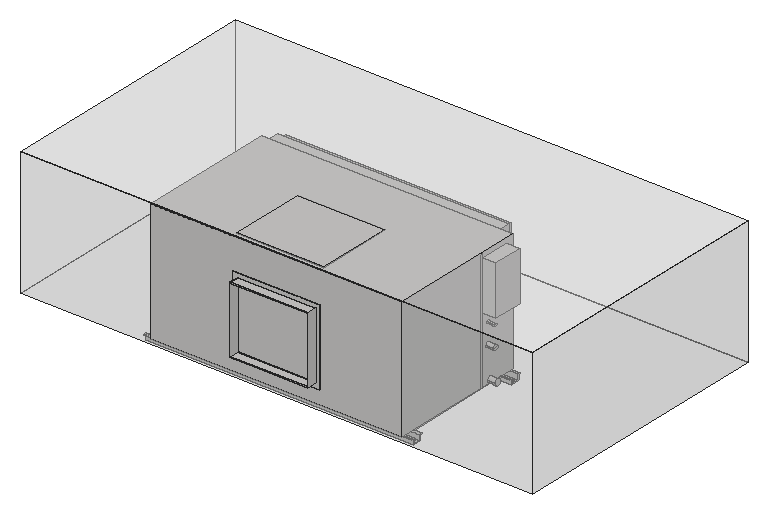
Revit family "outputfile", category 機械設備, Revit 2024
Family settings
  丸型コネクタ寸法 = 半径を使用
  パーツ タイプ = 標準
  OmniClass 番号 = 23.75.10.24.21.27.27
  OmniClass タイトル = Split System Air Conditioning Units
  作業面ベース = いいえ
  常に垂直 = はい
  ロード時にボイドで切り取り = いいえ
  注釈の向きを維持 = いいえ
  共有 = いいえ
  部屋計算ポイント = はい
Parameters (values of type "FDN125HYL")
  Description = ""
  書き出し IFC クラス(タイプ) = "IfcUnitaryEquipmentType"
  定義済み IFC タイプ(タイプ) = "AIRCONDITIONINGUNIT"
  Cost = 0
  Type Comments = ""
  Keynote = ""
  Type Image = (empty or 0)
  Assembly Code = ""
  switch_frequency = yes
  lw_power = 813 mm
  lw_box = 86 mm
  lw_RA = 733.5 mm
  lh_liquidpipe_2 = 738 mm
  lh_height_SA = 408 mm
  lh_ld_mountinghole_height = 35 mm
  lh_height_RA = 646 mm
  lh_hangerfixture = 35 mm
  lh_gaspipe_2 = 638 mm
  lh_box_top = 24 mm
  lh_box = 302 mm
  lh_SA = 351 mm
  lh_RA = 413 mm
  ld_depth_SA = 60 mm
  ld_depth_RA = 130 mm
  ld_box_left = 610 mm
  ld_box = 180 mm
  connector_voltage = Voltage_60Hz  # 380 V
  connector_powerinput = [Power Input (Cooling)]  # 12.280 kW
  connector_phase = Phase_60Hz  # 3
  URL = ""
  Supply Air Direction [instance] = yes
  製造元 = "Daikin"
  モデル = "FDN125HYL"
  w_pipe = 33 mm
  r_Liquid Pipe Size = Liquid Pipe Size / 2  # 6.35 mm
  r_Gas Pipe Size = Gas Pipe Size / 2  # 14.3 mm
  r_Drain Pipe Size = Drain Pipe Size / 2  # 17.0 mm
  lw_width_RA = 1377 mm
  lw_width_SA = 474 mm
  ld_suctionflange [instance] = 190 mm
  ld_powersupply = 275 mm
  Voltage_comment_60Hz = "380"
  Voltage_60Hz = 380 V
  Sound Power Level_H speed (dB) = 0
  Phase_60Hz = 3
  Minimum External Static Pressure = 0.00 Pa
  Minimum Circuit Amps_60Hz = 0.0 A
  Maximum Fuse Amps_60Hz = 0.0 A
  Maximum External Static Pressure = 150.00 Pa
  Material_Casing = DAIKIN_GalvanizedSteel_Casing_indoorunit
  lw_liquidpipe = 822 mm
  lw_gaspipe = 822 mm
  lw_mountinghole_pitch = 1600 mm
  lw_mountinghole = 1640 mm
  lw_drainpipe = 822 mm
  lh_powersupply = 425 mm
  lh_liquidpipe = 384 mm
  lh_gaspipe = 259 mm
  lh_mountinghole = 2.3 mm
  lh_drainpipe = 61 mm
  lh_antena = Height - lh_mountinghole + 1 mm  # 774.7 mm
  ld_liquidpipe = 225 mm
  ld_gaspipe = 225 mm
  ld_mountinghole_pitch = 754 mm
  ld_drainpipe = 242 mm
  h*** = 0 mm  # constant formula
  d_dischargeflange = ld_depth_SA  # 60 mm
  Width = 1540 mm
  Version = "ver.1.0"
  Unit Type = "Duct"
  Unit Mass Weight = 159.00 kg
  Unit Designation [instance] = ""
  Uniclass2015Version = "Products v1.30"
  Uniclass2015Title = "Split coil room air conditioning units"
  Uniclass2015Code = "Pr_70_65_03_86"
  Total Cooling Capacity [instance] = 0.000 kW
  Sound Pressure Level_M speed (dBA) = 0
  Sound Pressure Level_L speed (dBA) = 0
  Sound Pressure Level_H speed (dBA) = 56
  Series = "Package Aircon_Fan Coil Unit"
  Sensible Cooling Capacity [instance] = 0.000 kW
  SA Duct Size Width = 474 mm
  SA Duct Size Height = 408 mm
  Refrigerant Type = "R410A"
  RA Duct Size Width = 1377 mm
  RA Duct Size Height = 646 mm
  Power Input (Cooling) = 12.280 kW
  Option Accessory 3 [instance] = ""
  Option Accessory 2 [instance] = ""
  Option Accessory 1 [instance] = ""
  Nominal Cooling Capacity = 35.463 kW
  Minimum Airflow = 0.00 m³/h
  Median Airflow = 0.00 m³/h
  Maximum Airflow = 6966.00 m³/h
  Load Classification = HVAC
  Liquid Pipe Size = 12.7 mm
  Link_Nested Family [instance] = ""
  IfcVersion = ""
  IfcExportType = "AIRCONDITIONINGUNIT"
  IfcExportAs = "IfcUnitaryEquipmentType"
  Height = 776 mm
  Heat Exchanger Type = "Cross Fin Coil"
  Gas Pipe Size = 28.6 mm
  Frequency_60Hz = 60 Hz
  Fan Type = "Sirocco Fan"
  Fan Drive = "-"
  FCU Tag No. [instance] = ""
  Drain Pipe Size = 34.0 mm
  Design Supply Airflow [instance] = 0.00 m³/h
  Design Return Airflow [instance] = 0.00 m³/h
  Design External Static Pressure [instance] = 0.00 Pa
  Depth = 850 mm
  既定の高さ = 0 mm
  Cooling Entering Wet Bulb Temperature [instance] = 0.00 °C
  Cooling Entering Dry Bulb Temperature [instance] = 0.00 °C
  Cooling Ambient Wet Bulb Temperature [instance] = 0.00 °C
  Cooling Ambient Dry Bulb Temperature [instance] = 0.00 °C
  Clearance visibility [instance] = yes
  Clearance Top = 0 mm
  Clearance Right = 800 mm
  Clearance Rear = 800 mm
  Clearance Left = 800 mm
  Clearance Front = 0 mm
  Clearance Bottom = 0 mm
Reference planes
  plane 1 "Center (Front/Back)": y = 0
  plane 2: z = 0
  plane 3 "Center (Left/Right)": x = 0
  plane 4 "Back": y = 425
  plane 5 "Front": y = -425
  plane 6 "Left": x = -770
  plane 7 "Right": x = 770
  plane 8 "Top": z = 0
  plane 9 "Bottom": z = -776
  plane 10: z = -392
  plane 11: z = -517
  plane 12: x = -800
  plane 13: x = 800
  plane 14: x = 822
  plane 15: x = 822
  plane 16: z = -773.7
  plane 17 "Clearance Left": x = -1570
  plane 18 "Clearance Right": x = 1570
  plane 19 "Clearance Rear": y = 1225
  plane 20 "Clearance Front": y = -425
  plane 21 "Clearance Bottom": z = -776
  plane 22: z = -715
  plane 23 "ld_gas": y = 225
  plane 24: y = 225
  plane 25: y = -30
  plane 26: y = 242
  plane 27: y = 235
  plane 28: x = 822
  plane 29: y = 377
  plane 30: y = -377
  plane 31: y = -485
  plane 32: y = 555
  plane 33 "Clearance Top": z = 0
  plane 34: z = -351
  plane 35: y = 275
  plane 36 "hangerfixture": z = -741
  plane 37 "lh_SA": z = -425
  plane 38 "lh_RA": z = -363
  plane 39 "RA_center": x = -36.5
  plane 40: x = 886
  plane 41: x = 856
  plane 42: y = 185
  plane 43: y = 365
  plane 44 "box_bottom": z = -326
  plane 45 "box_top": z = -24
  plane 46: x = -267
  plane 47: x = 267
  plane 48: y = -394.5
  plane 49: y = 73.5
  plane 50 "lw_power": x = 813
  plane 51: z = -38
  plane 52: z = -138
  plane 53: z = -1
Forms (mm)
  Extrusion 1, solid, material "DAIKIN_GalvanizedSteel_Casing_indoorunit" <- "Material_Casing"
    sketch origin (0, -0.8, 0) x (1, 0, 0) y (0, 1, 0)
      loop
        line (-770, -424.2) -> (770, -424.2) -> (770, 425.8) -> (-770, 425.8) -> (-770, -424.2)
    from -741 to -1
  Revolve 2, solid, material "DAIKIN_GalvanizedSteel_Casing_indoorunit" <- "Material_Casing"
    sketch origin (0, 0, -517) x (0, -1, 0) y (1, 0, 0)
      loop
        line (-210.7, 770) -> (-210.7, 822) -> (-225, 822) -> (-225, 770) -> (-210.7, 770)
      axis (-225, 770) -> (-225, 822)
    angle from 0 to 360
  Revolve 3, solid, material "DAIKIN_GalvanizedSteel_Casing_indoorunit" <- "Material_Casing"
    sketch origin (0, 0, -392) x (0, -1, 0) y (1, 0, 0)
      loop
        line (-225, 770) -> (-225, 822) -> (-231.35, 822) -> (-231.35, 770) -> (-225, 770)
      axis (-225, 822) -> (-225, 770)
    angle from 0 to 360
  Extrusion 4, solid, material "DAIKIN_GalvanizedSteel_Casing_indoorunit" <- "Material_Casing"
    sketch origin (0, 0, 0) x (0, 1, 0) y (0, 0, 1)
      loop
        circle (242, -715) r 17
    from 822 to 770
  Extrusion 5, solid, material "DAIKIN_GalvanizedSteel_Casing_indoorunit" <- "Material_Casing"
    sketch origin (0, 0, 0) x (1, 0, 0) y (0, 1, 0)
      loop
        line (856, 185) -> (856, 365) -> (770, 365) -> (770, 185) -> (856, 185)
    from -326 to -24
  Extrusion 6, solid, material "DAIKIN_GalvanizedSteel_Casing_indoorunit" <- "Material_Casing"
    sketch origin (0, 0, 0) x (-1, 0, 0) y (0, -1, 0)
      loop
        line (267, -73.5) -> (267, 394.5) -> (-267, 394.5) -> (-267, -73.5) -> (267, -73.5)
    from -1 to 0
  Extrusion 7, solid, material "DAIKIN_GalvanizedSteel_Casing_indoorunit" <- "Material_Casing"
    sketch origin (0, 0, 0) x (0, 1, 0) y (0, 0, 1)
      loop
        line (-339, -741) -> (-339, -743.3) -> (339, -743.3) -> (339, -741) -> (-339, -741)
    from -770 to 770
  Extrusion 8, solid, material "DAIKIN_GalvanizedSteel_Casing_indoorunit" <- "Material_Casing"
    sketch origin (770, 0, 0) x (0, 1, 0) y (0, 0, 1)
      loop
        line (174, -1) -> (174, -741) -> (184, -741) -> (184, -1) -> (174, -1)
    from 0 to 1
Dimensions and locks
  equal spacing: plane 12, plane 3 "Center (Left/Right)", plane 13
  "lw_mountinghole_pitch": plane 12 to plane 13
  "lh_liquidpipe": plane 10 to plane 9 "Bottom"
  "lh_gaspipe": plane 11 to plane 9 "Bottom"
  equal spacing: plane 6 "Left", plane 3 "Center (Left/Right)", plane 7 "Right"
  "Width": plane 6 "Left" to plane 7 "Right"
  "Clearance Right": plane 7 "Right" to plane 18 "Clearance Right"
  "Clearance Left": plane 17 "Clearance Left" to plane 6 "Left"
  "Clearance Rear": plane 19 "Clearance Rear" to plane 4 "Back"
  "Clearance Front": plane 5 "Front" to plane 20 "Clearance Front"
  "Depth": plane 4 "Back" to plane 5 "Front"
  equal spacing: plane 4 "Back", plane 1 "Center (Front/Back)", plane 5 "Front"
  "ld_suctionflange": plane 4 "Back" to plane 27
  "r_Liquid Pipe Size": nested 5 to Revolve 3 sketch curve
  equal spacing: plane 29, plane 1 "Center (Front/Back)", plane 30
  "ld_mountinghole_pitch": plane 29 to plane 30
  "lw_liquidpipe": plane 3 "Center (Left/Right)" to plane 14
  "lw_gaspipe": plane 3 "Center (Left/Right)" to plane 15
  "lw_drainpipe": plane 3 "Center (Left/Right)" to plane 28
  "lh_drainpipe": plane 22 to plane 9 "Bottom"
  "Clearance Top": plane 33 "Clearance Top" to plane 8 "Top"
  "Clearance Bottom": plane 9 "Bottom" to plane 21 "Clearance Bottom"
  "lh_powersupply": plane 34 to plane 9 "Bottom"
  level to plane 8 "Top" = 0 mm
  "lh_hangerfixture": plane 36 "hangerfixture" to plane 9 "Bottom"
  "lh_SA": plane 37 "lh_SA" to plane 9 "Bottom"
  "ld_depth_SA": plane 5 "Front" to plane 31
  "ld_depth_RA": plane 32 to plane 4 "Back"
  "lh_RA": plane 38 "lh_RA" to plane 9 "Bottom"
  "lw_RA": plane 6 "Left" to plane 39 "RA_center"
  "ld_box_left": plane 42 to plane 5 "Front"
  "ld_box": plane 43 to plane 42
  "lw_box": plane 7 "Right" to plane 41
  "lh_box": plane 45 "box_top" to plane 44 "box_bottom"
  plane 46 to plane 3 "Center (Left/Right)" to plane 47 = 267 mm locked, 267 mm locked
  plane 49 to plane 48 to plane 5 "Front" = 468 mm locked, 30.5 mm locked
  "lw_power": plane 3 "Center (Left/Right)" to plane 50 "lw_power"
  "lh_gaspipe_2": plane 52 to plane 9 "Bottom"
  "lh_liquidpipe_2": plane 51 to plane 9 "Bottom"
  "ld_powersupply": plane 1 "Center (Front/Back)" to plane 35
  "ld_drainpipe": plane 26 to plane 1 "Center (Front/Back)"
  "ld_gaspipe": plane 23 "ld_gas" to plane 1 "Center (Front/Back)"
  "r_Gas Pipe Size": plane 23 "ld_gas" to Revolve 2 sketch curve
  "ld_liquidpipe": plane 24 to plane 1 "Center (Front/Back)"
  "Height": plane 8 "Top" to plane 9 "Bottom"
  "lh_mountinghole": plane 16 to plane 9 "Bottom"
  "lh_box_top": plane 33 "Clearance Top" to plane 45 "box_top"
  locked: plane 8 "Top" to plane 53 at 1
  Extrusion 8 sketch curve to Extrusion 8 sketch curve to plane 4 "Back" = 10 mm locked, 241 mm locked
  "r_Drain Pipe Size": radius of Extrusion 4 sketch curve
  aligned and locked: level to plane 2
  aligned and locked: Revolve 2 sketch curve to Revolve 2 sketch curve
  aligned and locked: plane 14 to nested 5
  aligned and locked: nested 5 to plane 10
  aligned and locked: plane 13 to nested 2
  aligned and locked: plane 12 to nested 3
  aligned and locked: plane 12 to nested 4
  aligned and locked: nested 6 to plane 11
  aligned and locked: plane 23 "ld_gas" to nested 6
  aligned and locked: plane 24 to nested 5
  aligned and locked: Extrusion 4 sketch curve to plane 26
  aligned and locked: nested 11 to plane 19 "Clearance Rear"
  aligned and locked: plane 18 "Clearance Right" to nested 11
  aligned and locked: plane 17 "Clearance Left" to nested 11
  aligned and locked: nested 11 to plane 20 "Clearance Front"
  aligned and locked: plane 28 to Extrusion 4
  aligned and locked: plane 15 to nested 6  (x2)
  aligned and locked: plane 13 to nested 1
  aligned and locked: plane 26 to nested 7
  aligned and locked: nested 7 to plane 22
  aligned and locked: nested 7 to plane 28
  aligned and locked: nested 9 to plane 1 "Center (Front/Back)"
  aligned and locked: plane 3 "Center (Left/Right)" to nested 9
  aligned and locked: plane 29 to nested 1
  aligned and locked: plane 30 to nested 2
  aligned and locked: nested 4 to plane 29
  aligned and locked: nested 3 to plane 30
  aligned and locked: nested 10 to plane 4 "Back"
  aligned and locked: nested 8 to plane 31
  aligned and locked: plane 32 to nested 14
  aligned and locked: plane 3 "Center (Left/Right)" to nested 13
  aligned and locked: nested 11 to plane 33 "Clearance Top"
  aligned and locked: nested 11 to plane 21 "Clearance Bottom"
  aligned and locked: nested 12 to plane 9 "Bottom"
  aligned and locked: plane 36 "hangerfixture" to Extrusion 1
  aligned and locked: plane 37 "lh_SA" to nested 8
  aligned and locked: Extrusion 1 to plane 5 "Front"
  aligned and locked: nested 13 to plane 31
  aligned and locked: plane 37 "lh_SA" to nested 13
  aligned and locked: Extrusion 1 to plane 4 "Back"
  aligned and locked: plane 38 "lh_RA" to nested 10
  aligned and locked: nested 14 to plane 38 "lh_RA"
  aligned and locked: plane 39 "RA_center" to nested 10
  aligned and locked: nested 14 to plane 39 "RA_center"
  aligned and locked: plane 43 to Extrusion 5 sketch curve
  aligned and locked: Extrusion 5 sketch curve to plane 42
  aligned and locked: plane 45 "box_top" to Extrusion 5
  aligned and locked: Extrusion 5 to plane 44 "box_bottom"
  aligned and locked: Extrusion 6 sketch curve to plane 49
  aligned and locked: Extrusion 6 sketch curve to plane 46
  aligned and locked: plane 48 to Extrusion 6 sketch curve
  aligned and locked: plane 47 to Extrusion 6 sketch curve
  aligned and locked: nested 16 to plane 51
  aligned and locked: nested 17 to plane 52
  aligned and locked: plane 14 to nested 16
  aligned and locked: nested 15 to plane 35
  aligned and locked: Revolve 2 sketch curve to plane 23 "ld_gas"
  aligned and locked: plane 23 "ld_gas" to nested 17
  aligned and locked: plane 24 to nested 16
  aligned and locked: plane 36 "hangerfixture" to Extrusion 7 sketch curve
  aligned and locked: Extrusion 7 sketch curve to nested 12  (x3)
  aligned and locked: Extrusion 7 to plane 6 "Left"
  aligned and locked: plane 7 "Right" to Extrusion 7
  aligned and locked: nested 15 to plane 50 "lw_power"
  aligned and locked: level to plane 8 "Top"
  aligned and locked: Extrusion 5 sketch curve to plane 41
  aligned and locked: plane 7 "Right" to Extrusion 5 sketch curve
  aligned and locked: plane 53 to Extrusion 1
  aligned and locked: Extrusion 6 to plane 53
  aligned and locked: plane 8 "Top" to Extrusion 6
  aligned and locked: Extrusion 4 to plane 7 "Right"
  aligned and locked: Revolve 3 to plane 7 "Right"
  aligned and locked: plane 7 "Right" to Revolve 2
  aligned and locked: nested 15 to plane 45 "box_top"
  aligned and locked: Extrusion 8 sketch curve to plane 36 "hangerfixture"
  aligned and locked: Extrusion 8 sketch curve to plane 53
Automatic sketch dimensions
  Extrusion 1 sketch curve to plane 4 "Back" = 0 mm
  Extrusion 1 sketch curve to plane 6 "Left" = 0 mm
  Extrusion 1 sketch curve to plane 5 "Front" = 0 mm
  Extrusion 1 sketch curve to plane 7 "Right" = 0 mm
  Revolve 3 sketch curve to plane 23 "ld_gas" = 0 mm  (x2)
  Revolve 3 sketch curve to plane 14 = 0 mm  (x2)
  plane 7 "Right" to Revolve 3 sketch curve = 0 mm
  plane 7 "Right" to Revolve 3 sketch curve = 1 mm
  Extrusion 4 sketch curve to plane 22 = 0 mm
  Revolve 2 sketch curve to plane 7 "Right" = 0 mm
  Revolve 2 sketch curve to plane 14 = 0 mm
  plane 7 "Right" to Revolve 2 sketch curve = 2.003 mm
  plane 14 to Revolve 2 sketch curve = 1.003 mm
Nested families
  nested 1: "daikin_mountinghole" at (800, 377, -776), Link_Nested Family <- "Link_Nested Family", h_mountinghole <- "lh_mountinghole", l_antenna <- "lh_antena", type "daikin_mountinghole"
    with show yes, l_antenna 774.7 mm, h_mountinghole 2.3 mm, Link_Nested Family "", d_circle 23 mm
  nested 2: "daikin_mountinghole" at (800, -377, -776), Link_Nested Family <- "Link_Nested Family", h_mountinghole <- "lh_mountinghole", l_antenna <- "lh_antena", type "daikin_mountinghole"
    with show yes, l_antenna 774.7 mm, h_mountinghole 2.3 mm, Link_Nested Family "", d_circle 23 mm
  nested 3: "daikin_mountinghole" at (-800, -377, -776), Link_Nested Family <- "Link_Nested Family", h_mountinghole <- "lh_mountinghole", l_antenna <- "lh_antena", type "daikin_mountinghole"
    with show yes, l_antenna 774.7 mm, h_mountinghole 2.3 mm, Link_Nested Family "", d_circle 23 mm
  nested 4: "daikin_mountinghole" at (-800, 377, -776), Link_Nested Family <- "Link_Nested Family", h_mountinghole <- "lh_mountinghole", l_antenna <- "lh_antena", type "daikin_mountinghole"
    with show yes, l_antenna 774.7 mm, h_mountinghole 2.3 mm, Link_Nested Family "", d_circle 23 mm
  nested 5: "daikin_connector_rotate2" at (0, 225, -392) x (0, 1, 0) z (0, 0, 1), length <- "lw_liquidpipe", built-in parameter 1001364 <- "lh_liquidpipe", radius <- "r_Liquid Pipe Size", type "daikin_connector_rotate2"
    with radius 6.35 mm, length 822 mm, angle_vertical 90.00°
  nested 6: "daikin_connector_rotate2" at (0, 225, -517) x (0, 1, 0) z (0, 0, 1), length <- "lw_gaspipe", built-in parameter 1001364 <- "lh_gaspipe", radius <- "r_Gas Pipe Size", type "daikin_connector_rotate2"
    with radius 14.3 mm, length 822 mm, angle_vertical 90.00°
  nested 7: "daikin_connector_rotate2" at (0, 242, -715) x (0, 1, 0) z (0, 0, 1), built-in parameter 1001364 <- "lh_drainpipe", length <- "lw_drainpipe", radius <- "r_Drain Pipe Size", type "daikin_connector_rotate2"
    with radius 17 mm, length 822 mm, angle_vertical 90.00°
  nested 8: "daikin_connector_rotate2" at (0, -425, -425), length <- "d_dischargeflange", type "daikin_connector_rotate2"
    with radius 10 mm, length 60 mm, angle_vertical 90.00°
  nested 9: "daikin_△_symbolicline" at (-75, -129.904, 9) x (-0.5, 0.866, 0) z (0, 0, 1), visible <- "Supply Air Direction", type "daikin_△_symbolicline"
    with length 300 mm
  nested 10: "daikin_ductflange_FDN-HYL" at (-36.5, 425, -363), material <- "Material_Casing", width <- "lw_width_RA", height <- "lh_height_RA", depth <- "ld_depth_RA", type "daikin_ductflange_FDN-HYL"
    with width 1377 mm, material DAIKIN_GalvanizedSteel_Casing_indoorunit, height 646 mm, depth 130 mm
  nested 11: "daikin_clearancespace" at (0, 400, -387.881), visible <- "Clearance visibility", show <- "Clearance visibility", Link_Nested Family <- "Link_Nested Family", type "daikin_clearancespace"
    with width 3140 mm, show yes, height 776 mm, depth 1650 mm, Link_Nested Family ""
  nested 12: "daikin_hangerfixture_FDN-HYL" at (0, 0, -776), type "daikin_hangerfixture_FDN-HYL"
  nested 13: "daikin_ductflange_FDN-HYL_1" at (0, -416, -614.401), width <- "lw_width_SA", material <- "Material_Casing", height <- "lh_height_SA", depth <- "ld_depth_SA", type "daikin_ductflange_FDN-HYL_1"
    with width 474 mm, material DAIKIN_GalvanizedSteel_Casing_indoorunit, height 408 mm, depth 60 mm
  nested 14: "daikin_connector_rotate2" at (-36.5, 425, -363) x (-1, 0, 0) z (0, 0, 1), length <- "ld_depth_RA", type "daikin_connector_rotate2"
    with radius 10 mm, length 130 mm, angle_vertical 90.00°
  nested 15: "daikin_connector_rotate2" at (813, 275, -24) x (0, 1, 0) z (1, 0, 0), length <- "lh_box", type "daikin_connector_rotate2"
    with radius 10 mm, length 302 mm, angle_vertical 90.00°
  nested 16: "daikin_connector_rotate2" at (0, 225, -38) x (0, 1, 0) z (0, 0, 1), length <- "lw_liquidpipe", built-in parameter 1001364 <- "lh_liquidpipe", radius <- "r_Liquid Pipe Size", type "daikin_connector_rotate2"
    with radius 6.35 mm, length 822 mm, angle_vertical 90.00°
  nested 17: "daikin_connector_rotate2" at (0, 225, -138) x (0, 1, 0) z (0, 0, 1), length <- "lw_gaspipe", built-in parameter 1001364 <- "lh_gaspipe", radius <- "r_Gas Pipe Size", type "daikin_connector_rotate2"
    with radius 14.3 mm, length 822 mm, angle_vertical 90.00°
Connectors
  piping at (822, 225, -517), diameter 28.6, driven by "r_Gas Pipe Size"
    settings: on nested 6, index 1, connector inside diameter 609.6 mm, connector length 0 mm, flow factor 0, pipe flow 0.00 m³/h, pressure drop 0.0 Pa, fitting loss kfactor 0, connector angle 0.00°, fixture units 0, engagement length 0 mm, angle of deflection 0.00°, flow configuration 1, flow direction 2, fitting loss method 0, system type 29, joint type 0, gender type 0, connector reference index -1, connector utility 0, adjustable connector no, is connector primary yes, connector description "Refrigerant Gas Piping"
  piping at (822, 225, -392), diameter 12.7, driven by "r_Liquid Pipe Size"
    settings: on nested 5, index 2, connector inside diameter 609.6 mm, connector length 0 mm, flow factor 0, pipe flow 0.00 m³/h, pressure drop 0.0 Pa, fitting loss kfactor 0, connector angle 0.00°, fixture units 0, engagement length 0 mm, angle of deflection 0.00°, flow configuration 1, flow direction 1, fitting loss method 0, system type 29, joint type 0, gender type 0, connector reference index -1, connector utility 0, adjustable connector no, is connector primary no, connector description "Refrigerant Liquid Piping"
  piping at (822, 242, -715), diameter 34, driven by "r_Drain Pipe Size"
    settings: on nested 7, index 3, connector inside diameter 609.6 mm, connector length 0 mm, flow factor 0, pipe flow 0.00 m³/h, pressure drop 0.0 Pa, fitting loss kfactor 0, connector angle 0.00°, fixture units 0, engagement length 0 mm, angle of deflection 0.00°, flow configuration 1, flow direction 2, fitting loss method 4, system type 16, joint type 0, gender type 0, connector reference index -1, connector utility 0, adjustable connector no, is connector primary no, connector description "Condensate Drain Piping"
  hvac at (0, -485, -425), driven by "SA Duct Size Height", driven by "SA Duct Size Width"
    settings: on nested 8, index 7, duct flow 0.00 m³/h, flow factor 0, pres drop 0.00 Pa, loss coef 0, conn angle 0.00°, conn width 474.0 mm, conn height 408.0 mm, conn diameter 609.6 mm, duct sys type 1, conn prof type 1, flow config 0, flow direction 2, loss method 4, conn ref index -1, conn util no, is conn primary yes, conn desc "SA Duct"
  hvac at (-36.5, 555, -363), driven by "RA Duct Size Width", driven by "RA Duct Size Height"
    settings: on nested 14, index 8, duct flow 0.00 m³/h, flow factor 0, pres drop 0.00 Pa, loss coef 0, conn angle 0.00°, conn width 1377.0 mm, conn height 646.0 mm, conn diameter 609.6 mm, duct sys type 2, conn prof type 1, flow config 0, flow direction 1, loss method 4, conn ref index -1, conn util no, is conn primary no, conn desc "RA Duct"
  electrical at (813, 275, -326), driven by "Load Classification", driven by "connector_phase", driven by "connector_powerinput", driven by "connector_voltage"
    settings: on nested 15, index 9, voltage 380 V, apparent load 12280 VA, apparent load phase1 0 VA, apparent load phase2 0 VA, apparent load phase3 0 VA, power factor 1, load classification "HVAC", number of poles 3, system type 30, power factor state 1, is connector primary yes, connector utility no, sub classification motor no, connector description "Power Supply"
Definition of nested family "daikin_ductflange_FDN-HYL"
  Parameters (values of type "daikin_ductflange_FDN-HTL")
    width [instance] = 1624 mm
    t2 = 19 mm
    t = 1 mm
    material [instance] = none
    height [instance] = 747 mm
    depth [instance] = 130 mm
    Default Elevation = 0 mm
  Reference planes
    plane 1 "Center (Front/Back)": y = 0
    plane 2: z = 0
    plane 3 "Center (Left/Right)": x = 0
    plane 4: x = -812
    plane 5: x = 812
    plane 6: z = 373.5
    plane 7: z = -373.5
    plane 8: y = 90
    plane 9: y = 130
    plane 10: x = -811
    plane 11: x = 811
    plane 12: z = -372.5
    plane 13: z = 372.5
    plane 14: x = -831
    plane 15: x = 831
    plane 16: z = 392.5
    plane 17: z = -392.5
  Forms (mm)
    Extrusion 1, solid, material <- "material"
      sketch origin (0, 0, 0) x (1, 0, 0) y (0, 0, 1)
        loop
          line (-831, 392.5) -> (-831, -392.5) -> (831, -392.5) -> (831, 392.5) -> (-831, 392.5)
        loop
          line (-812, 373.5) -> (-812, -373.5) -> (812, -373.5) -> (812, 373.5) -> (-812, 373.5)
      from 0 to -90
    Extrusion 2, solid, material <- "material"
      sketch origin (0, 0, 0) x (1, 0, 0) y (0, 0, 1)
        loop
          line (-812, 373.5) -> (-812, -373.5) -> (812, -373.5) -> (812, 373.5) -> (-812, 373.5)
        loop
          line (811, 372.5) -> (-811, 372.5) -> (-811, -372.5) -> (811, -372.5) -> (811, 372.5)
      from -130 to -90
  Cuts and joins
    joined: Extrusion 1, Extrusion 2
  Dimensions and locks
    equal spacing: plane 5, plane 3 "Center (Left/Right)", plane 4
    "width": plane 5 to plane 4
    equal spacing: plane 6, level, plane 7
    "height": plane 6 to plane 7
    locked: plane 1 "Center (Front/Back)" to plane 8 at 90
    "depth": plane 1 "Center (Front/Back)" to plane 9
    "t": plane 6 to plane 13
    "t": plane 12 to plane 7
    "t": plane 5 to plane 11
    "t": plane 10 to plane 4
    "t2": plane 4 to plane 14
    "t2": plane 15 to plane 5
    "t2": plane 16 to plane 6
    "t2": plane 7 to plane 17
    aligned and locked: level to plane 2
    aligned and locked: Extrusion 1 to plane 8
    aligned and locked: plane 1 "Center (Front/Back)" to Extrusion 1
    aligned and locked: Extrusion 2 to plane 9
    aligned and locked: Extrusion 2 to Extrusion 1
    aligned and locked: plane 13 to Extrusion 2 sketch curve
    aligned and locked: plane 11 to Extrusion 2 sketch curve
    aligned and locked: Extrusion 2 sketch curve to plane 12
    aligned and locked: Extrusion 2 sketch curve to plane 10
    aligned and locked: Extrusion 1 sketch curve to plane 16
    aligned and locked: plane 14 to Extrusion 1 sketch curve
    aligned and locked: plane 17 to Extrusion 1 sketch curve
    aligned and locked: Extrusion 1 sketch curve to plane 15
    aligned and locked: Extrusion 1 sketch curve to plane 6
    aligned and locked: Extrusion 1 sketch curve to plane 5
    aligned and locked: plane 4 to Extrusion 1 sketch curve
    aligned and locked: plane 7 to Extrusion 1 sketch curve
  Automatic sketch dimensions
    Extrusion 2 sketch curve to plane 4 = 0 mm
    Extrusion 2 sketch curve to plane 5 = 0 mm
    Extrusion 2 sketch curve to plane 7 = 0 mm
    Extrusion 2 sketch curve to plane 6 = 0 mm
Definition of nested family "daikin_clearancespace"
  Parameters (values of type "daikin_clearancespace")
    Description = "daikin_clearancespace"
    width [instance] = 1823.963 mm
    show [instance] = yes
    material = none
    height [instance] = 1359.762 mm
    depth [instance] = 880 mm
    Default Elevation = 0 mm
    Link_Nested Family [instance] = ""
  Reference planes
    plane 1 "Center (Front/Back)": y = 0
    plane 2 "Center (Elevation)": z = -0.119
    plane 3 "Center (Left/Right)": x = 0
    plane 4: y = 440
    plane 5: y = -440
    plane 6 "Right": x = 911.982
    plane 7 "Left": x = -911.982
    plane 8 "Top": z = 679.762
    plane 9 "Bottom": z = -680
  Forms (mm)
    Extrusion 1, solid, material <- "material", visible <- "show"
      sketch origin (0, 0, 0) x (1, 0, 0) y (0, 1, 0)
        loop
          line (-911.982, 440) -> (-911.982, -440) -> (911.982, -440) -> (911.982, 440) -> (-911.982, 440)
      from -680 to 679.762
  Lines and regions (mm)
    symbolic lines, visible <- "show"
      curve 1: line (911.982, 440, 0) -> (-911.982, 440, 0)
      curve 2: line (-911.982, 440, 0) -> (-911.982, -440, 0)
      curve 3: line (-911.982, -440, 0) -> (911.982, -440, 0)
      curve 4: line (911.982, -440, 0) -> (911.982, 440, 0)
      curve 5: line (911.982, 0, 679.762) -> (-911.982, 0, 679.762)
      curve 6: line (911.982, 0, -680) -> (911.982, 0, 679.762)
      curve 7: line (-911.982, 0, -680) -> (911.982, 0, -680)
      curve 8: line (-911.982, 0, 679.762) -> (-911.982, 0, -680)
      curve 9: line (0, 440, 679.762) -> (0, -440, 679.762)
      curve 10: line (0, -440, 679.762) -> (0, -440, -680)
      curve 11: line (0, 440, -680) -> (0, 440, 679.762)
      curve 12: line (0, -440, -680) -> (0, 440, -680)
  Dimensions and locks
    "width": plane 7 "Left" to plane 6 "Right"
    "depth": plane 4 to plane 5
    "height": plane 8 "Top" to plane 9 "Bottom"
    equal spacing: plane 7 "Left", plane 3 "Center (Left/Right)", plane 6 "Right"
    equal spacing: plane 4, plane 1 "Center (Front/Back)", plane 5
    equal spacing: plane 8 "Top", plane 2 "Center (Elevation)", plane 9 "Bottom"
    aligned and locked: level to plane 2 "Center (Elevation)"
    aligned and locked: Extrusion 1 sketch curve to plane 4
    aligned and locked: plane 7 "Left" to Extrusion 1 sketch curve
    aligned and locked: Extrusion 1 sketch curve to plane 5
    aligned and locked: Extrusion 1 sketch curve to plane 6 "Right"
    aligned and locked: plane 8 "Top" to Extrusion 1
    aligned and locked: curve 1 to Extrusion 1
    aligned and locked: curve 2 to Extrusion 1
    aligned and locked: curve 3 to Extrusion 1
    aligned and locked: curve 4 to Extrusion 1
    aligned and locked: curve 5 to Extrusion 1
    aligned and locked: curve 6 to Extrusion 1
    aligned and locked: curve 7 to Extrusion 1
    aligned and locked: curve 8 to Extrusion 1
    aligned and locked: curve 9 to Extrusion 1
    aligned and locked: curve 10 to Extrusion 1
    aligned and locked: curve 11 to Extrusion 1
    aligned and locked: curve 12 to Extrusion 1
    aligned and locked: Extrusion 1 to plane 9 "Bottom"
Definition of nested family "daikin_hangerfixture_FDN-HYL"
  Parameters (values of type "daikin_hangerfixture_FDN-HTL")
    width = 1600 mm
    material = none
    height = 35 mm
    e = 38 mm
    depth = 754 mm
    Default Elevation = 0 mm
    G = 1640 mm
    E = 50 mm
  Reference planes
    plane 1 "Center (Front/Back)": y = 0
    plane 2: z = 0
    plane 3 "Center (Left/Right)": x = 0
    plane 4: x = 800
    plane 5: x = -800
    plane 6: z = 35
    plane 7: y = 377
    plane 8: y = -377
    plane 9: x = -820
    plane 10: x = 820
    plane 11: y = 415
    plane 12: y = -415
    plane 13: y = -339
    plane 14: y = 339
  Forms (mm)
    Extrusion 1, solid
      sketch origin (0, 0, 0) x (0, 1, 0) y (0, 0, 1)
        loop
          line (-354, 35) -> (-354, 2.3) -> (-400, 2.3) -> (-400, 35) -> (-415, 35) -> (-415, 32.7) -> (-402.3, 32.7) -> (-402.3, 0) -> (-351.7, 0) -> (-351.7, 32.7) -> (-339, 32.7) -> (-339, 35) -> (-354, 35)
        loop
          line (354, 35) -> (339, 35) -> (339, 32.7) -> (351.7, 32.7) -> (351.7, 0) -> (402.3, 0) -> (402.3, 32.7) -> (415, 32.7) -> (415, 35) -> (400, 35) -> (400, 2.3) -> (354, 2.3) -> (354, 35)
      from -820 to 820
    Extrusion 2, void
      sketch origin (0, 0, 0) x (1, 0, 0) y (0, 1, 0)
        loop
          circle (-800, 377) r 7.5
        loop
          circle (-800, -377) r 7.5
        loop
          circle (800, -377) r 7.5
        loop
          circle (800, 377) r 7.5
      from 0 to 9
  Cuts and joins
    Extrusion 2 cuts Extrusion 1
  Dimensions and locks
    "width": plane 5 to plane 4
    equal spacing: plane 5, plane 3 "Center (Left/Right)", plane 4
    "depth": plane 8 to plane 7
    equal spacing: plane 8, plane 1 "Center (Front/Back)", plane 7
    "height": plane 6 to level
    "e": plane 7 to plane 11
    "e": plane 12 to plane 8
    equal spacing: Extrusion 1 sketch curve, plane 8, Extrusion 1 sketch curve  (x2)
    "e": Extrusion 1 sketch curve to plane 8 to Extrusion 1 sketch curve
    locked: Extrusion 1 sketch curve to level at 2.3  (x2)
    "e": plane 7 to Extrusion 1 sketch curve  (x2)
    equal spacing: Extrusion 1 sketch curve, plane 7, Extrusion 1 sketch curve  (x2)
    equal spacing: plane 9, plane 3 "Center (Left/Right)", plane 10
    "G": plane 9 to plane 10
    aligned and locked: level to plane 2
    aligned and locked: plane 6 to Extrusion 1 sketch curve  (x2)
    aligned and locked: Extrusion 1 sketch curve to level
    aligned and locked: level to Extrusion 1 sketch curve
    aligned and locked: Extrusion 1 to plane 9
    aligned and locked: plane 10 to Extrusion 1
    aligned and locked: plane 7 to Extrusion 2 sketch curve  (x2)
    aligned and locked: plane 5 to Extrusion 2 sketch curve  (x2)
    aligned and locked: plane 8 to Extrusion 2 sketch curve  (x2)
    aligned and locked: plane 4 to Extrusion 2 sketch curve  (x2)
    aligned and locked: cut or joined group of Extrusion 1, Extrusion 2 to plane 14  (x2)
    aligned and locked: plane 13 to cut or joined group of Extrusion 1, Extrusion 2
  Automatic sketch dimensions
    Extrusion 1 sketch curve to plane 6 = 0 mm  (x2)
    Extrusion 1 sketch curve to plane 6 = 2.3 mm  (x3)
    Extrusion 1 sketch curve to plane 12 = 12.7 mm
    Extrusion 1 sketch curve to Extrusion 1 sketch curve = 2.3 mm  (x3)
    plane 14 to Extrusion 1 sketch curve = 12.7 mm
    radius of Extrusion 2 sketch curve = 7.5 mm  (x4)
Definition of nested family "daikin_ductflange_FDN-HYL_1"
  Parameters (values of type "daikin_ductflange_FDN-HTL_1")
    width [instance] = 474 mm
    t3 = 9 mm
    t2 = 30 mm
    t [instance] = 1.2 mm
    material [instance] = none
    height [instance] = 408 mm
    depth [instance] = 60 mm
    Default Elevation = 0 mm
  Reference planes
    plane 1 "Center (Front/Back)": y = 0
    plane 2: z = 189.401
    plane 3 "Center (Left/Right)": x = 0
    plane 4: y = 0
    plane 5: y = -69
    plane 6: y = -9
    plane 7: z = 394.601
    plane 8: z = -15.799
    plane 9: x = -237
    plane 10: x = 237
    plane 11: x = -238.2
    plane 12: x = 238.2
    plane 13: z = 393.401
    plane 14: z = -14.599
    plane 15: x = -267
    plane 16: z = 423.401
    plane 17: z = -44.599
    plane 18: x = 267
  Forms (mm)
    Extrusion 1, solid, material <- "material"
      sketch origin (0, 0, 0) x (1, 0, 0) y (0, 0, 1)
        loop
          line (-238.2, 394.601) -> (-238.2, -15.799) -> (238.2, -15.799) -> (238.2, 394.601) -> (-238.2, 394.601)
        loop
          line (-237, 393.401) -> (-237, -14.599) -> (237, -14.599) -> (237, 393.401) -> (-237, 393.401)
      from 9 to 69
    Extrusion 2, solid, material <- "material"
      sketch origin (0, 0, 0) x (1, 0, 0) y (0, 0, 1)
        loop
          line (-267, 423.401) -> (-267, -44.599) -> (267, -44.599) -> (267, 423.401) -> (-267, 423.401)
        loop
          line (-237, 393.401) -> (-237, -14.599) -> (237, -14.599) -> (237, 393.401) -> (-237, 393.401)
      from 0 to 9
  Cuts and joins
    joined: Extrusion 1, Extrusion 2
  Dimensions and locks
    plane 4 to plane 1 "Center (Front/Back)" = 0 mm
    equal spacing: plane 7, level, plane 8
    "height": plane 13 to plane 14
    equal spacing: plane 10, plane 3 "Center (Left/Right)", plane 9
    "t": plane 9 to plane 11
    "t": plane 12 to plane 10
    "t": plane 7 to plane 13
    "t": plane 14 to plane 8
    "t2": plane 9 to plane 15
    "t2": plane 18 to plane 10
    "t2": plane 16 to plane 13
    "t2": plane 14 to plane 17
    "width": plane 10 to plane 9
    "depth": plane 5 to plane 6
    "t3": plane 6 to plane 4
    aligned and locked: level to plane 2
    aligned and locked: Extrusion 1 sketch curve to plane 7
    aligned and locked: plane 11 to Extrusion 1 sketch curve
    aligned and locked: plane 8 to Extrusion 1 sketch curve
    aligned and locked: Extrusion 1 sketch curve to plane 12
    aligned and locked: Extrusion 1 sketch curve to plane 13
    aligned and locked: plane 9 to Extrusion 1 sketch curve
    aligned and locked: plane 14 to Extrusion 1 sketch curve
    aligned and locked: Extrusion 1 sketch curve to plane 10
    aligned and locked: plane 6 to Extrusion 1
    aligned and locked: Extrusion 1 to plane 5
    aligned and locked: Extrusion 2 sketch curve to plane 16
    aligned and locked: plane 15 to Extrusion 2 sketch curve
    aligned and locked: plane 17 to Extrusion 2 sketch curve
    aligned and locked: Extrusion 2 sketch curve to plane 18
    aligned and locked: Extrusion 2 sketch curve to Extrusion 1  (x4)
    aligned and locked: Extrusion 2 to plane 1 "Center (Front/Back)"
    aligned and locked: Extrusion 2 to plane 6
  Automatic sketch dimensions
    Extrusion 2 sketch curve to plane 15 = 0 mm
Definition of nested family "daikin_mountinghole"
  Parameters (values of type "daikin_mountinghole")
    Default Elevation = 1219.2 mm
    Type Comments = "mountinghole"
    show [instance] = yes
    material = none
    l_centerline = 100 mm
    l_antenna [instance] = 100 mm
    h_mountinghole [instance] = 0 mm
    d_circle = 30 mm
    Link_Nested Family [instance] = ""
  Reference planes
    plane 1 "Center (Front/Back)": y = 0
    plane 2: z = 0
    plane 3 "Center (Left/Right)": x = 0
    plane 4: y = 50
    plane 5: x = -50
    plane 6: x = 50
    plane 7: y = -50
    plane 8 "h_mountinghole": z = 0
    plane 9: z = 100
  Lines and regions (mm)
    model lines, detail levels fine
      curve 1: circle (0, 0, 0) r 15 normal (0, 0, 1)
      curve 2: line (-50, 0, 0) -> (50, 0, 0)
      curve 3: line (0, 50, 0) -> (0, -50, 0)
    symbolic lines, detail levels fine
      curve 4: circle (0, 0, 0) r 15 normal (0, 0, 1)
      curve 5: line (-50, 0, 0) -> (50, 0, 0)
      curve 6: line (0, 50, 0) -> (0, -50, 0)
    model lines
      curve 7: line (0, 0, 100) -> (0, 0, 0)
  Dimensions and locks
    equal spacing: plane 4, plane 1 "Center (Front/Back)", plane 7
    "l_centerline": plane 4 to plane 7
    equal spacing: plane 5, plane 3 "Center (Left/Right)", plane 6
    "l_centerline": plane 5 to plane 6
    "l_antenna": plane 9 to plane 8 "h_mountinghole"
    "h_mountinghole": plane 8 "h_mountinghole" to plane 2
    "d_circle": diameter of curve 1
    "d_circle": diameter of curve 4
    aligned and locked: level to plane 2
    aligned and locked: plane 1 "Center (Front/Back)" to curve 1
    aligned and locked: plane 3 "Center (Left/Right)" to curve 1
    aligned and locked: plane 1 "Center (Front/Back)" to curve 2
    aligned and locked: curve 3 to plane 3 "Center (Left/Right)"
    aligned and locked: plane 6 to curve 2
    aligned and locked: plane 5 to curve 2
    aligned and locked: plane 4 to curve 3
    aligned and locked: plane 7 to curve 3
    aligned and locked: plane 1 "Center (Front/Back)" to curve 4
    aligned and locked: plane 3 "Center (Left/Right)" to curve 4
    aligned and locked: plane 6 to curve 5
    aligned and locked: plane 5 to curve 5
    aligned and locked: plane 1 "Center (Front/Back)" to curve 5
    aligned and locked: plane 4 to curve 6
    aligned and locked: plane 7 to curve 6
    aligned and locked: curve 6 to plane 3 "Center (Left/Right)"
    aligned and locked: curve 7 to plane 3 "Center (Left/Right)"
    aligned and locked: plane 9 to curve 7
    aligned and locked: plane 8 "h_mountinghole" to curve 7
Definition of nested family "daikin_connector_rotate2"
  Parameters (values of type "daikin_connector_rotate2")
    show_face = no
    radius [instance] = 10 mm
    length [instance] = 600 mm
    d_surface = 10 mm
    angle_vertical [instance] = 90.00°
    Default Elevation = 0 mm
  Reference planes
    plane 1 "Center (Front/Back)": y = 0
    plane 2: z = 0
    plane 3 "Center (Left/Right)": x = 0
  Forms (mm)
    Extrusion 1, solid, visible <- "show_face"
      sketch origin (0, -600, 0) x (1, 0, 0) y (0, 0, 1)
        loop
          circle (0, 0) r 10
      from 0 to -10
  Lines and regions (mm)
    reference lines
      curve 1: line (0, 0, 0) -> (0, -600, 0)
    symbolic lines
      curve 2: circle (0, 0, 0) r 5 normal (0, 0, 1)
    model lines, visible <- "show_face"
      curve 3: line (0, 0, 0) -> (0, -600, 0)
  Dimensions and locks
    "length": curve 1 to curve 1
    "length": curve 3 to curve 3
    "d_surface": Extrusion 1 to Extrusion 1
    "radius": radius of Extrusion 1 sketch curve
    "angle_vertical": angle curve 1 to plane 1 "Center (Front/Back)"
    "angle_vertical": angle curve 3 to plane 1 "Center (Front/Back)"
    aligned and locked: level to plane 2
    aligned and locked: plane 1 "Center (Front/Back)" to curve 1
    aligned and locked: plane 2 to curve 1
    aligned and locked: plane 1 "Center (Front/Back)" to curve 2
    aligned and locked: plane 3 "Center (Left/Right)" to curve 2
    aligned and locked: plane 1 "Center (Front/Back)" to curve 3
    aligned and locked: plane 2 to curve 3
    aligned and locked: Extrusion 1 to Extrusion 1
  Automatic sketch dimensions
    Extrusion 1 sketch curve to level = 0 mm
    Extrusion 1 sketch curve to plane 3 "Center (Left/Right)" = 0 mm
    radius of curve 2 = 5 mm
Definition of nested family "daikin_△_symbolicline"
  Parameters (values of type "daikin_△_symbolicline")
    length [instance] = 500 mm
    Default Elevation = 0 mm
  Reference planes
    plane 1 "Center (Front/Back)": y = 0
    plane 2: z = 0
    plane 3 "Center (Left/Right)": x = 0
  Lines and regions (mm)
    symbolic lines
      curve 1: line (0, -433.013, 0) -> (250, 0, 0)
      curve 2: line (250, 0, 0) -> (-250, 0, 0)
      curve 3: line (-250, 0, 0) -> (0, -433.013, 0)
  Dimensions and locks
    equal spacing: curve 3, plane 3 "Center (Left/Right)", curve 2
    "length": curve 3 to curve 2
    "length": curve 3 to curve 3
    "length": curve 1 to curve 1
    aligned and locked: level to plane 2
    aligned and locked: curve 2 to plane 1 "Center (Front/Back)"
    aligned and locked: plane 3 "Center (Left/Right)" to curve 3
